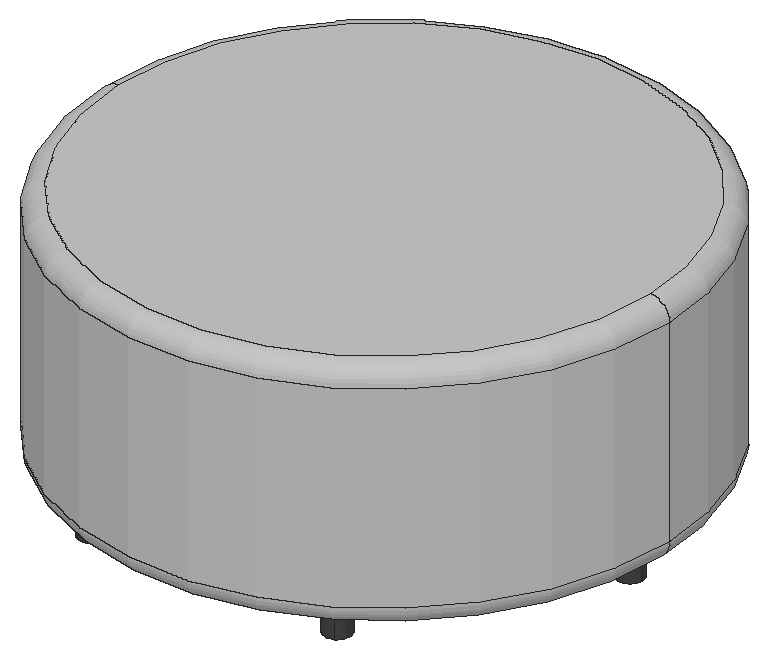
Revit family "FU_Chair_Sandler_ENTROPY_ENT0075TA", category Furniture, Revit 2020
Family settings
  OmniClass Number = 23.21.23.15.17
  Work Plane-Based = Yes
  Always vertical = No
  Cut with Voids When Loaded = No
  Shared = No
  Room Calculation Point = No
Parameters (values of type "ENTROPY ENT0075TA")
  Youtube clip = ""
  Width = 900.000 mm  # constant formula
  Uniformat II Description = "Movable Furnishings"
  Uniformat II Code = ""
  Uniclass 2015 Name = ""
  Uniclass 2015 Code = ""
  Uniclass 2.0 Description = ""
  Uniclass 2.0 Code = ""
  Uniclass 1.4 Description = ""
  Uniclass 1.4 Code = ""
  UNSPSC Code = ""
  Technical description = ""
  Seat Material = Leather - Gaja - 60005
  Frame Material = Steel - Frame - Black
  Region South America = "All"
  Region Oceania = "All"
  Region North America = "All"
  Region Middle East = "All"
  Region Europe = "All"
  Region Asia = "All"
  Region Antarctica = "All"
  Region Africa = "All"
  QR code = ""
  Product url = "https://www.sandlerseating.com/product/ent0075ta/"
  Product name = ""
  Product group = "Chair"
  Product family = "Furniture"
  Product data url = "https://www.sandlerseating.com/product/ent0075ta/"
  Product certification = ""
  Product SKU = ""
  Product Guid = ""
  OmniClass Description = ""
  OmniClass Code = "23-21 23 15 17"
  NBS Reference Description = ""
  NBS Reference Code = ""
  Model = "ENTROPY ENT0075TA"
  Masterformat 2014 Description = "Chair Mats"
  Masterformat 2014 Code = "12 48 43.13"
  Manufacturer name = "Sandler"
  Manufacturer country = "UK"
  Manufacturer = "Sandler"
  Installation instructions = ""
  IFC Classification = "Furnishing Element"
  GTIN code = ""
  Edition number = 1
  Design country = "UK"
  Description = "Chair"
  Default Elevation = 0.000 mm
  Date of publishing = ""
  COBIe Type Category = ""
  Brand url = "https://www.sandlerseating.com/"
  BIMobject main category code = "furniture"
  BIMobject main category = "Furniture"
  BIMobject category code = "furniture-chair"
  BIMobject category = "Chair"
Reference planes
  plane 1 "Center Front/Back": y = 0
  plane 2: z = 0
  plane 3 "Center Left/Right": x = 0
  plane 4: z = 410
  plane 5: z = 40
Forms (mm)
  Extrusion 1, solid, material "Leather - Gaja - 60005" <- "Seat Material"
    sketch origin (0, 0, 0) x (1, 0, 0) y (0, 1, 0)
      loop
        circle (0, 0) r 450
    from 40 to 410
  Extrusion 2, solid, material "Steel - Frame - Black" <- "Frame Material"
    sketch origin (0, 0, 0) x (1, 0, 0) y (0, 1, 0)
      loop
        circle (387.5, 0) r 20
    from 0 to 40
  Extrusion 3, solid, material "Steel - Frame - Black" <- "Frame Material"
    sketch origin (0, 0, 0) x (0.5, -0.866025, 0) y (0.866025, 0.5, 0)
      loop
        circle (387.5, 0) r 20
    from 0 to 40
  Extrusion 4, solid, material "Steel - Frame - Black" <- "Frame Material"
    sketch origin (0, 0, 0) x (-0.5, -0.866025, 0) y (0.866025, -0.5, 0)
      loop
        circle (387.5, 0) r 20
    from 0 to 40
  Extrusion 5, solid, material "Steel - Frame - Black" <- "Frame Material"
    sketch origin (0, 0, 0) x (-1, 0, 0) y (0, -1, 0)
      loop
        circle (387.5, 0) r 20
    from 0 to 40
  Extrusion 6, solid, material "Steel - Frame - Black" <- "Frame Material"
    sketch origin (0, 0, 0) x (-0.5, 0.866025, 0) y (-0.866025, -0.5, 0)
      loop
        circle (387.5, 0) r 20
    from 0 to 40
  Extrusion 7, solid, material "Steel - Frame - Black" <- "Frame Material"
    sketch origin (0, 0, 0) x (0.5, 0.866025, 0) y (-0.866025, 0.5, 0)
      loop
        circle (387.5, 0) r 20
    from 0 to 40
  Sweep 8, void
    path in 3D
      loop
        arc (450, 0, 410) -> (0, -450, 410) -> (-450, 0, 410) r 450
        arc (-450, 0, 410) -> (0, 450, 410) -> (450, 0, 410) r 450
    profile origin (0, 450, 410) x (0, 1, 0) y (0, 0, 1)
      loop
        line (0, 0) -> (-30, 0)
        arc (-30, 0) -> (-8.787, -8.787) -> (0, -30) r 30
        line (0, -30) -> (0, 0)
      loop
        line (0, -370) -> (0, -340)
        arc (0, -340) -> (-8.787, -361.213) -> (-30, -370) r 30
        line (-30, -370) -> (0, -370)
Cuts and joins
  Sweep 8 cuts Extrusion 1
Lines and regions (mm)
  sketch lines
    curve 1: arc (-450, 0, 410) -> (0, 450, 410) -> (450, 0, 410) r 450
    curve 2: arc (450, 0, 410) -> (0, -450, 410) -> (-450, 0, 410) r 450
Dimensions and locks
  "Width": diameter of Extrusion 1 sketch curve
  aligned and locked: level to plane 2
Automatic sketch dimensions
  plane 1 "Center Front/Back" to Extrusion 2 sketch curve = 0.000 mm
  plane 3 "Center Left/Right" to Extrusion 2 sketch curve = 387.500 mm
  plane 3 "Center Left/Right" to Extrusion 3 sketch curve = 193.750 mm
  plane 1 "Center Front/Back" to Extrusion 3 sketch curve = 335.585 mm
  Extrusion 4 sketch curve to plane 3 "Center Left/Right" = 193.750 mm
  plane 1 "Center Front/Back" to Extrusion 4 sketch curve = 335.585 mm
  plane 1 "Center Front/Back" to Extrusion 5 sketch curve = 0.000 mm
  Extrusion 5 sketch curve to plane 3 "Center Left/Right" = 387.500 mm
  Extrusion 6 sketch curve to plane 3 "Center Left/Right" = 193.750 mm
  Extrusion 6 sketch curve to plane 1 "Center Front/Back" = 335.585 mm
  plane 3 "Center Left/Right" to Extrusion 7 sketch curve = 193.750 mm
  Extrusion 7 sketch curve to plane 1 "Center Front/Back" = 335.585 mm
  Sweep 8 sketch curve to profile plane = 0.000 mm  (x3)
  profile plane to Sweep 8 sketch curve = 30.000 mm  (x2)
  Sweep 8 sketch curve to Sweep 8 sketch curve = 310.000 mm
  plane 1 "Center Front/Back" to Extrusion 1 sketch curve = 0.000 mm
  Extrusion 1 sketch curve to plane 3 "Center Left/Right" = 0.000 mm
  radius of Extrusion 2 sketch curve = 20.000 mm
  radius of Extrusion 3 sketch curve = 20.000 mm
  radius of Extrusion 4 sketch curve = 20.000 mm
  radius of Extrusion 5 sketch curve = 20.000 mm
  radius of Extrusion 6 sketch curve = 20.000 mm
  radius of Extrusion 7 sketch curve = 20.000 mm
